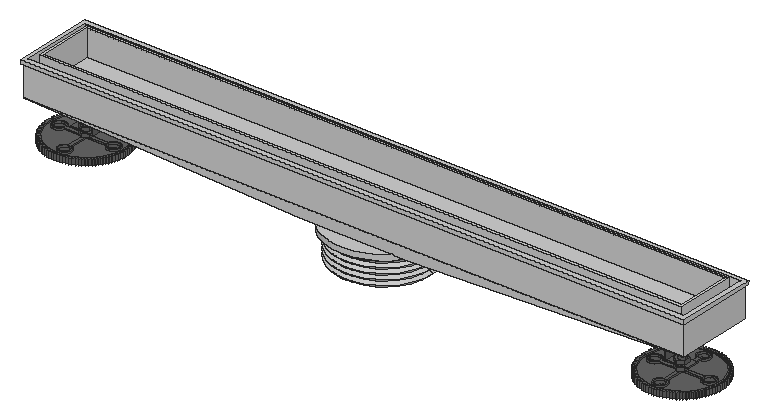
Revit family "C8971-Linear Shower Drain - 24 inch ", category Generic Models, Revit 2022
Family settings
  Can host rebar = No
  Round Connector Dimension = Use Diameter
  Part Type = Normal
  Work Plane-Based = No
  Always vertical = Yes
  Cut with Voids When Loaded = No
  Maintain Annotation Orientation = No
  Shared = No
  Room Calculation Point = No
Parameters (values of type "C8971- 24" linear Shower Drain (Tile-in)")
  Width = 70 mm
  URL = "https://kromedispense.co.in/"
  Model = "C8971"
  Length = 610 mm
  Holder Material = 4
  Gare Material = 3
  Gare Matel Material = 2
  Fram Material = 4
  Default Elevation = 0 mm
Reference planes
  plane 1 "Center (Front/Back)": y = 0
  plane 2: z = 0
  plane 3 "Center (Left/Right)": x = 0
  plane 4: x = -305
  plane 5: x = 305
  plane 6: y = 35
  plane 7: y = -35
  plane 8 "3": z = 73
  plane 9 "1": z = 31
  plane 10 "2": z = 41
  plane 11: x = -50
  plane 12: x = 50
  plane 13: x = -255
  plane 14: x = 255
Forms (mm)
  Sweep 1, solid, material "4" <- "Fram Material"
    path origin (0, 0, 73) x (-1, 0, 0) y (0, -1, 0)
      loop
        line (305, -35) -> (305, 35) -> (-305, 35) -> (-305, -35) -> (305, -35)
    profile origin (-305, 0, 73) x (1, 0, 0) y (0, 0, 1)
      loop
        line (-2, 0) -> (-2, -4) -> (0, -4) -> (0, -32) -> (2, -32) -> (2, 0) -> (-2, 0)
  Extrusion 2, solid, material "4" <- "Fram Material"
    sketch origin (0, 0, 0) x (1, 0, 0) y (0, 0, 1)
      loop
        line (-305, 41) -> (-50, 31) -> (50, 31) -> (305, 41) -> (-305, 41)
    from -35 to 35
  Extrusion 3, solid, material "2"
    sketch origin (-305, 0, 41) x (1, 0, 0) y (0, 1, 0)
      loop
        line (2, 33) -> (2, -33) -> (608, -33) -> (608, 33) -> (2, 33)
    from 0 to 1
  Sweep 4, solid, material "4" <- "Fram Material"
    path origin (-307, 37, 73) x (0, -1, 0) y (1, 0, 0)
      loop
        line (70, 4) -> (70, 610) -> (4, 610) -> (4, 4) -> (70, 4)
    profile origin (0, -33, 73) x (0, 1, 0) y (0, 0, 1)
      loop
        line (8, 3) -> (6, 3) -> (6, -31) -> (8, -31) -> (8, 3)
  Extrusion 5, solid, material "4" <- "Fram Material"
    sketch origin (-305, 0, 42) x (1, 0, 0) y (0, 1, 0)
      loop
        line (10, 25) -> (10, -25) -> (600, -25) -> (600, 25) -> (10, 25)
    from 0 to 10
Dimensions and locks
  equal spacing: plane 4, plane 3 "Center (Left/Right)", plane 5
  "Length": plane 4 to plane 5
  equal spacing: plane 6, plane 1 "Center (Front/Back)", plane 7
  "Width": plane 6 to plane 7
  plane 8 "3" to plane 2 = 73 mm
  equal spacing: plane 11, plane 3 "Center (Left/Right)", plane 12, locked at 50 each
  locked: plane 4 to plane 13 at 50
  locked: plane 14 to plane 5 at 50
  aligned and locked: level to plane 2
  aligned and locked: plane 1 "Center (Front/Back)" to nested 1
  aligned and locked: plane 3 "Center (Left/Right)" to nested 1
  aligned and locked: plane 1 "Center (Front/Back)" to nested 2
  aligned and locked: nested 3 to plane 1 "Center (Front/Back)"
  aligned and locked: plane 4 to Extrusion 2 sketch curve
  aligned and locked: plane 10 "2" to Extrusion 2 sketch curve  (x2)
  aligned and locked: plane 5 to Extrusion 2 sketch curve
  aligned and locked: plane 6 to Extrusion 2
  aligned and locked: plane 7 to Extrusion 2
  aligned and locked: Extrusion 3 sketch curve to Sweep 1  (x4)
  aligned and locked: plane 6 to Sweep 1 sketch curve
  aligned and locked: Sweep 1 sketch curve to plane 4
  aligned and locked: plane 7 to Sweep 1 sketch curve
  aligned and locked: Sweep 1 sketch curve to plane 5
  aligned and locked: Sweep 4 sketch curve to Sweep 1  (x4)
  aligned and locked: nested 2 to plane 13
  aligned and locked: plane 14 to nested 3
Automatic sketch dimensions
  Sweep 1 sketch curve to plane 8 "3" = 0 mm
  profile plane to Sweep 1 sketch curve = 0 mm
  profile plane to Sweep 1 sketch curve = 2 mm
  Sweep 1 sketch curve to Sweep 1 sketch curve = 2 mm
  Sweep 1 sketch curve to plane 8 "3" = 4 mm
  Sweep 1 sketch curve to Sweep 1 sketch curve = 28 mm
  Extrusion 2 sketch curve to plane 9 "1" = 0 mm
  Extrusion 2 sketch curve to plane 11 = 0 mm
  plane 12 to Extrusion 2 sketch curve = 0 mm
  Sweep 4 sketch curve to Sweep 4 sketch curve = 2 mm
  Sweep 4 sketch curve to profile plane = 6 mm
  profile plane to Sweep 4 sketch curve = 3 mm
  Sweep 4 sketch curve to profile plane = 31 mm
  Extrusion 5 sketch curve to Extrusion 3 = 8 mm  (x4)
Nested families
  nested 1: "Holder" at (0, 0, 0), type "Holder"
  nested 2: "Gare" at (-275.4, 0, 0), type "Gare"
  nested 3: "Gare" at (275.4, 0, 0) x (-1, 0, 0) z (0, 0, 1), type "Gare"
Definition of nested family "Holder"
  Parameters (values of type "Holder")
    Gare = none
    Default Elevation = 0 mm
  Reference planes
    plane 1 "Center (Front/Back)": y = 0
    plane 2: z = 0
    plane 3 "Center (Left/Right)": x = 0
    plane 4: x = -50
    plane 5: x = 50
    plane 6: y = 50
    plane 7: y = -50
    plane 8: z = 31
  Forms (mm)
    Revolve 1, solid, material <- "Gare"
      sketch origin (0, 0, 0) x (1, 0, 0) y (0, 0, 1)
        loop
          line (0, 31) -> (0, 0) -> (42.5, 0) -> (45, 2.5) -> (42.5, 5) -> (45, 7.5) -> (42.5, 10) -> (45, 12.5) -> (42.5, 15) -> (45, 17.5) -> (42.5, 20) -> (45, 22.5) -> (42.5, 25) -> (43.5, 26) -> (50, 26) -> (50, 31) -> (0, 31)
        axis (0, 0) -> (0, 31)
      angle from 0 to 360
  Dimensions and locks
    aligned and locked: level to plane 2
Definition of nested family "Gare"
  Parameters (values of type "Gare")
    Matel = none
    Gare = none
    Default Elevation = 0 mm
  Reference planes
    plane 1 "Center (Front/Back)": y = 0
    plane 2: z = 0
    plane 3 "Center (Left/Right)": x = 0
    plane 4: x = -36.5
    plane 5: x = 36.5
    plane 6: y = 36.5
    plane 7: y = -36.5
    plane 8: z = 41
    plane 9: z = 6
    plane 10: z = 11.5
    plane 11: z = 31
    plane 12: x = 20.4
  Forms (mm)
    Extrusion 1, solid, material <- "Gare"
      sketch origin (0, 0, 0) x (1, 0, 0) y (0, 1, 0)
        loop
          line (-36.5, 0) -> (-34.614, -1.089) -> (-36.428, -2.294) -> (-34.339, -3.331) -> (-36.19, -4.75) -> (-34.035, -5.643) -> (-35.786, -7.184) -> (-33.576, -7.93) -> (-35.219, -9.586) -> (-32.964, -10.18) -> (-34.491, -11.943) -> (-32.201, -12.384) -> (-33.605, -14.246) -> (-31.29, -14.531) -> (-32.566, -16.484) -> (-30.237, -16.612) -> (-31.378, -18.646) -> (-29.046, -18.617) -> (-30.046, -20.724) -> (-27.722, -20.537) -> (-28.578, -22.706) -> (-26.271, -22.363) -> (-26.978, -24.585) -> (-24.7, -24.087) -> (-25.256, -26.352) -> (-23.016, -25.7) -> (-23.418, -27.998) -> (-21.227, -27.196) -> (-21.473, -29.516) -> (-19.341, -28.568) -> (-19.429, -30.899) -> (-17.367, -29.81) -> (-17.298, -32.141) -> (-15.314, -30.915) -> (-15.087, -33.236) -> (-13.19, -31.879) -> (-12.807, -34.18) -> (-11.006, -32.697) -> (-10.468, -34.967) -> (-8.772, -33.366) -> (-8.082, -35.594) -> (-6.498, -33.883) -> (-5.659, -36.059) -> (-4.194, -34.244) -> (-3.21, -36.359) -> (-1.87, -34.449) -> (-0.746, -36.492) -> (0.461, -34.497) -> (1.721, -36.459) -> (2.791, -34.387) -> (4.181, -36.26) -> (5.108, -34.12) -> (6.621, -35.895) -> (7.401, -33.697) -> (9.031, -35.365) -> (9.661, -33.12) -> (11.399, -34.674) -> (11.876, -32.391) -> (13.716, -33.825) -> (14.037, -31.515) -> (15.97, -32.821) -> (16.135, -30.495) -> (18.151, -31.667) -> (18.158, -29.335) -> (20.249, -30.368) -> (20.098, -28.041) -> (22.254, -28.931) -> (21.947, -26.619) -> (24.158, -27.362) -> (23.695, -25.076) -> (25.951, -25.667) -> (25.335, -23.418) -> (27.626, -23.855) -> (26.859, -21.652) -> (29.174, -21.934) -> (28.261, -19.788) -> (30.59, -19.913) -> (29.533, -17.834) -> (31.865, -17.801) -> (30.671, -15.798) -> (32.995, -15.607) -> (31.668, -13.69) -> (33.974, -13.342) -> (32.52, -11.519) -> (34.798, -11.017) -> (33.224, -9.295) -> (35.463, -8.641) -> (33.776, -7.03) -> (35.965, -6.225) -> (34.174, -4.732) -> (36.304, -3.781) -> (34.416, -2.412) -> (36.476, -1.32) -> (34.5, -0.081) -> (36.482, 1.148) -> (34.427, 2.25) -> (36.321, 3.61) -> (34.196, 4.57) -> (35.994, 6.055) -> (33.809, 6.87) -> (35.503, 8.473) -> (33.268, 9.139) -> (34.849, 10.853) -> (32.574, 11.365) -> (34.036, 13.182) -> (31.732, 13.54) -> (33.068, 15.452) -> (30.745, 15.653) -> (31.949, 17.65) -> (29.617, 17.694) -> (30.683, 19.769) -> (28.354, 19.655) -> (29.277, 21.796) -> (26.961, 21.526) -> (27.738, 23.725) -> (25.445, 23.298) -> (26.072, 25.544) -> (23.813, 24.964) -> (24.286, 27.247) -> (22.072, 26.516) -> (22.39, 28.826) -> (20.23, 27.946) -> (20.391, 30.273) -> (18.296, 29.249) -> (18.3, 31.581) -> (16.278, 30.418) -> (16.124, 32.745) -> (14.186, 31.449) -> (13.875, 33.76) -> (12.029, 32.335) -> (11.563, 34.62) -> (9.817, 33.074) -> (9.197, 35.322) -> (7.56, 33.662) -> (6.79, 35.863) -> (5.268, 34.095) -> (4.351, 36.24) -> (2.953, 34.373) -> (1.893, 36.451) -> (0.624, 34.494) -> (-0.574, 36.495) -> (-1.708, 34.458) -> (-3.038, 36.373) -> (-4.032, 34.264) -> (-5.489, 36.085) -> (-6.338, 33.913) -> (-7.914, 35.632) -> (-8.615, 33.407) -> (-10.303, 35.016) -> (-10.852, 32.749) -> (-12.645, 34.239) -> (-13.04, 31.941) -> (-14.93, 33.307) -> (-15.168, 30.987) -> (-17.146, 32.222) -> (-17.227, 29.891) -> (-19.284, 30.99) -> (-19.207, 28.659) -> (-21.333, 29.617) -> (-21.099, 27.296) -> (-23.285, 28.108) -> (-22.895, 25.808) -> (-25.131, 26.47) -> (-24.586, 24.203) -> (-26.862, 24.712) -> (-26.165, 22.486) -> (-28.47, 22.841) -> (-27.625, 20.667) -> (-29.948, 20.865) -> (-28.958, 18.754) -> (-31.29, 18.794) -> (-30.159, 16.754) -> (-32.488, 16.637) -> (-31.222, 14.679) -> (-33.538, 14.404) -> (-32.142, 12.536) -> (-34.434, 12.105) -> (-32.915, 10.336) -> (-35.173, 9.751) -> (-33.539, 8.088) -> (-35.752, 7.353) -> (-34.008, 5.804) -> (-36.167, 4.921) -> (-34.323, 3.493) -> (-36.417, 2.466) -> (-34.48, 1.166) -> (-36.5, 0)
        loop
          circle (0, 0) r 33.5
      from 0 to 5
    Extrusion 2, solid, material <- "Gare"
      sketch origin (0, 0, 0) x (1, 0, 0) y (0, 1, 0)
        loop
          circle (0, 0) r 33.5
        loop
          circle (-25.159, 0) r 5
        loop
          circle (0, 25.159) r 5
        loop
          circle (0, -25.159) r 5
        loop
          circle (25.159, 0) r 5
      from 1 to 4
    Extrusion 3, solid, material <- "Gare"
      sketch origin (0, 0, 4) x (1, 0, 0) y (0, 1, 0)
        loop
          circle (-25.159, 0) r 5
        loop
          circle (0, 25.159) r 5
        loop
          circle (0, -25.159) r 5
        loop
          circle (25.159, 0) r 5
        loop
          arc (-19.35, 1.5) -> (-25.915, 5.952) -> (-31.159, 0) r 6
          arc (-31.159, 0) -> (-25.915, -5.952) -> (-19.35, -1.5) r 6
          line (-19.35, -1.5) -> (-1.5, -1.5) -> (-1.5, -19.35)
          arc (-1.5, -19.35) -> (-5.952, -25.915) -> (0, -31.159) r 6
          arc (0, -31.159) -> (5.952, -25.915) -> (1.5, -19.35) r 6
          line (1.5, -19.35) -> (1.5, -1.5) -> (19.35, -1.5)
          arc (19.35, -1.5) -> (25.915, -5.952) -> (31.159, 0) r 6
          arc (31.159, 0) -> (25.915, 5.952) -> (19.35, 1.5) r 6
          line (19.35, 1.5) -> (1.5, 1.5) -> (1.5, 19.35)
          arc (1.5, 19.35) -> (5.952, 25.915) -> (0, 31.159) r 6
          arc (0, 31.159) -> (-5.952, 25.915) -> (-1.5, 19.35) r 6
          line (-1.5, 19.35) -> (-1.5, 1.5) -> (-19.35, 1.5)
      from 0 to 1
    Extrusion 4, solid, material <- "Gare"
      sketch origin (0, 0, 0.5) x (0, -1, 0) y (-1, 0, 0)
        loop
          circle (0, 25.159) r 5
        loop
          circle (-25.159, 0) r 5
        loop
          circle (25.159, 0) r 5
        loop
          circle (0, -25.159) r 5
        loop
          line (-1.5, 19.35) -> (-1.5, 1.5) -> (-19.35, 1.5)
          arc (-19.35, 1.5) -> (-25.915, 5.952) -> (-31.159, 0) r 6
          arc (-31.159, 0) -> (-25.915, -5.952) -> (-19.35, -1.5) r 6
          line (-19.35, -1.5) -> (-1.5, -1.5) -> (-1.5, -19.35)
          arc (-1.5, -19.35) -> (-5.952, -25.915) -> (0, -31.159) r 6
          arc (0, -31.159) -> (5.952, -25.915) -> (1.5, -19.35) r 6
          line (1.5, -19.35) -> (1.5, -1.5) -> (19.35, -1.5)
          arc (19.35, -1.5) -> (25.915, -5.952) -> (31.159, 0) r 6
          arc (31.159, 0) -> (25.915, 5.952) -> (19.35, 1.5) r 6
          line (19.35, 1.5) -> (1.5, 1.5) -> (1.5, 19.35)
          arc (1.5, 19.35) -> (5.952, 25.915) -> (0, 31.159) r 6
          arc (0, 31.159) -> (-5.952, 25.915) -> (-1.5, 19.35) r 6
      from -0.5 to 0.5
    Extrusion 5, solid, material <- "Matel"
      sketch origin (-2411.137, -1524, 6) x (-1, 0, 0) y (0, -1, 0)
        loop
          line (-2416.137, -1526.887) -> (-2411.137, -1529.774) -> (-2406.137, -1526.887) -> (-2406.137, -1521.113) -> (-2411.137, -1518.226) -> (-2416.137, -1521.113) -> (-2416.137, -1526.887)
      from 0 to 3
    Extrusion 6, solid, material <- "Matel"
      sketch origin (0, 0, 5) x (1, 0, 0) y (0, 1, 0)
        loop
          circle (0, 0) r 3.5
      from 0 to 12.455
    Extrusion 7, solid, material <- "Matel"
      sketch origin (-2411.137, -1524, 11.5) x (-1, 0, 0) y (0, -1, 0)
        loop
          line (-2416.137, -1526.887) -> (-2411.137, -1529.774) -> (-2406.137, -1526.887) -> (-2406.137, -1521.113) -> (-2411.137, -1518.226) -> (-2416.137, -1521.113) -> (-2416.137, -1526.887)
      from 0 to 3
    Extrusion 8, solid, material <- "Matel"
      sketch origin (0, 0, 0) x (1, 0, 0) y (0, 0, 1)
        loop
          line (-10, 11.5) -> (-10, 10.7) -> (10.8, 10.7) -> (10.8, 40.2) -> (30, 40.2) -> (30, 41) -> (10, 41) -> (10, 11.5) -> (-10, 11.5)
      from -6 to 6
    Revolve 9, solid, material <- "Matel"
      sketch origin (0, 0, 0) x (1, 0, 0) y (0, 0, 1)
        loop
          line (20.4, 40.2) -> (20.4, 30.2) -> (23.351, 30.2)
          arc (23.351, 30.2) -> (23.06, 33.952) -> (23.4, 37.7) r 22.425
          line (23.4, 37.7) -> (23.4, 40.2) -> (20.4, 40.2)
        axis (20.4, 30.2) -> (20.4, 40.2)
      angle from 0 to 360
  Cuts and joins
    joined: Extrusion 1, Extrusion 2, Extrusion 3, Extrusion 4
  Dimensions and locks
    plane 11 to level = 31 mm
    plane 8 to level = 41 mm
    aligned and locked: level to plane 2
